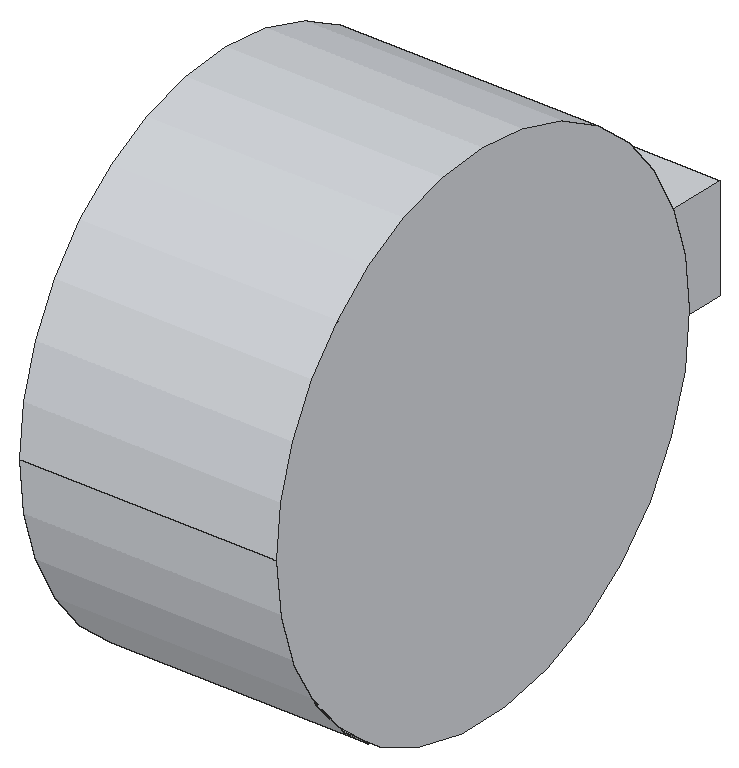
Revit family "00eefc9ba5134d8cae73fdeb4d68070f", category Duct Accessories, Revit 2021
Family settings
  Round Connector Dimension = Use Radius
  Part Type = Damper
  OmniClass Number = 23.75.70.11.14.14
  OmniClass Title = Dampers for Air Ductwork
  Seek Item ID = Control Damper - Automatic - Round-0000-USA-ENU
  Work Plane-Based = No
  Always vertical = Yes
  Cut with Voids When Loaded = No
  Shared = No
Parameters (values of type "Standard")
  Width 1 = Length 1 * 2 / 3  # 0' - 2.4"
  Pressure Drop [instance] = 0.00 in-wg
  Length 1 = 0.6 * Damper Length  # 0' - 3.6"
  Duct Radius [instance] = 6"
  Default Elevation = 0' - 0"
  Damper Material = none
  Damper Length = 0' - 6"
  Duct Diameter [instance] = Duct Radius * 2  # 12"
Reference planes (in)
  plane 1 "Center (Front/Back)": y = 0
  plane 2: z = 0
  plane 3 "Center (Left/Right)": x = 0
  plane 4 "Damper Length": x = -3
  plane 5: x = 3
  plane 6: y = 6
  plane 7: y = 8.4
  plane 8: x = -1.8
  plane 9: x = 1.8
  plane 10: z = 1.2
  plane 11: z = -1.2
Forms (in)
  Extrusion 1, solid, material <- "Damper Material", detail levels coarse+medium
    sketch origin (0, 0, 0) x (0, 1, 0) y (0, 0, 1)
      loop
        circle (0, 0) r 6
    from -3 to 3
  Extrusion 2, solid, material <- "Damper Material"
    sketch origin (0, 0, 0) x (1, 0, 0) y (0, 1, 0)
      loop
        line (-1.8, 8.4) -> (-1.8, 6) -> (1.8, 6) -> (1.8, 8.4) -> (-1.8, 8.4)
    from -1.2 to 1.2
  Extrusion 3, solid, material <- "Damper Material"
    sketch origin (0, 0, 0) x (0, 1, 0) y (0, 0, 1)
      loop
        circle (0, 0) r 6
    from -3 to 3
Dimensions and locks (in)
  equal spacing: plane 4 "Damper Length", plane 3 "Center (Left/Right)", plane 5
  "Damper Length": plane 4 "Damper Length" to plane 5
  "Duct Radius": plane 6 to plane 1 "Center (Front/Back)"
  "Width 1": plane 7 to plane 6
  equal spacing: plane 8, plane 3 "Center (Left/Right)", plane 9
  "Length 1": plane 8 to plane 9
  equal spacing: plane 11, plane 2, plane 10
  "Width 1": plane 11 to plane 10
  "Duct Radius": radius of Extrusion 1 sketch curve
  "Duct Radius": radius of Extrusion 3 sketch curve
  aligned and locked: plane 2 to Extrusion 1 sketch curve
  aligned and locked: plane 1 "Center (Front/Back)" to Extrusion 1 sketch curve
  aligned and locked: Extrusion 1 to plane 4 "Damper Length"
  aligned and locked: plane 5 to Extrusion 1
  aligned and locked: plane 8 to Extrusion 2 sketch curve
  aligned and locked: Extrusion 2 sketch curve to plane 7
  aligned and locked: plane 6 to Extrusion 2 sketch curve
  aligned and locked: Extrusion 2 to plane 11
  aligned and locked: plane 10 to Extrusion 2
  aligned and locked: plane 2 to Extrusion 3 sketch curve
  aligned and locked: plane 1 "Center (Front/Back)" to Extrusion 3 sketch curve
  aligned and locked: Extrusion 3 to plane 4 "Damper Length"
  aligned and locked: plane 5 to Extrusion 3
Automatic sketch dimensions
  Extrusion 2 sketch curve to plane 9 = 0' - 0"
Connectors (in)
  hvac at (-3, 0, 0), driven by "Duct Radius", driven by "Pressure Drop"
    settings: on Extrusion 1, index 1, duct flow 0 CFM, flow factor 0, pres drop 0.00 in-wg, loss coef 0, conn angle 0.00°, conn width 12", conn height 12", conn diameter 12", duct sys type 29, conn prof type 0, flow config 0, flow direction 0, loss method 4, conn ref index 2, conn util no, is conn primary yes, conn desc ""
  hvac at (3, 0, 0), driven by "Duct Radius"
    settings: on Extrusion 1, index 2, duct flow 0 CFM, flow factor 0, pres drop 0.00 in-wg, loss coef 0, conn angle 0.00°, conn width 12", conn height 12", conn diameter 12", duct sys type 29, conn prof type 0, flow config 0, flow direction 0, loss method 4, conn ref index 1, conn util no, is conn primary no, conn desc ""
